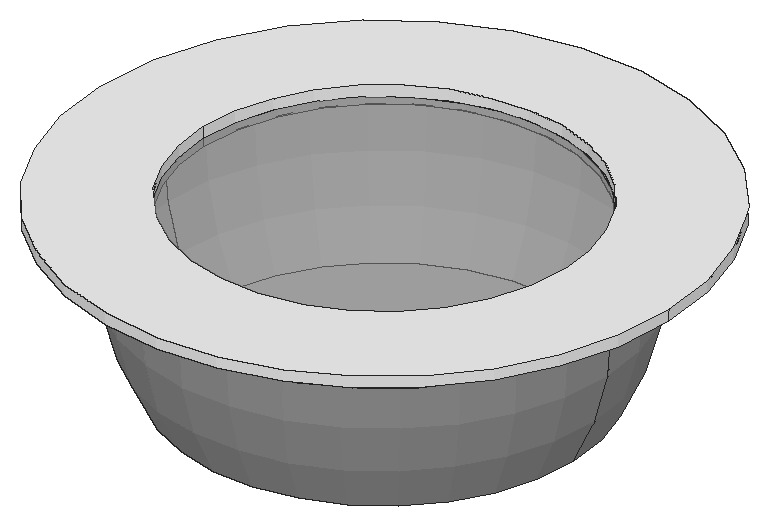
Revit family "3033922 Lighting Fixture_Sylvania_Insaver 150 HE Topper LED_Ceiling Recessed", category Lighting Fixtures, host Face, Revit 2017
Family settings
  Host = Face
  Round Connector Dimension = Use Diameter
  Part Type = Normal
  OmniClass Number = 23.80.70.11.17
  OmniClass Title = Specialized Lighting by Location or Use
  Cut with Voids When Loaded = No
  Light Source = Yes
  Shared = No
  Room Calculation Point = No
Parameters (values of type "Insaver 150 HE Topper LED WW Plus3")
  Weight = 0.80 kg  # constant formula
  Wattage = 8 W
  built-in parameter 1150110 = 1 (stored number, unit not read)
  Voltage Comments = "UNV (Universal Voltage; 220-240 Volt)"  # constant formula
  Voltage = 240 V  # constant formula
  URL = "http://www.sylvania-lighting.com"
  built-in parameter 1114217 = 1 (stored number, unit not read)
  Tilt Angle = -90.00°  # constant formula
  built-in parameter 1150109 = 1 (stored number, unit not read)
  built-in parameter 1150134 = (empty or 0)
  built-in parameter 1150113 = 1 (stored number, unit not read)
  Reflector Material = Polycarbonate_Sylvania_Insaver HE Topper LED_Silver
  Recessed Depth = Height  # 46.0 mm
  Radius = Diameter / 2  # 82.5 mm
  Product Page URL = "http://www.sylvania-lighting.com/product/en-int/products/3033922"
  Product Family = "Insaver HE Topper LED"  # constant formula
  Photometry Comments = ""
  Photometric Web File = "3033922_Insaver150HETopperLEDWWPlus3-182969.ies"
  built-in parameter 1150105 = 310.88 (stored number, unit not read)
  Lumens = 480 lm
  built-in parameter 1150115 = 1 (stored number, unit not read)
  built-in parameter 1150137 = (empty or 0)
  built-in parameter 1150139 = (empty or 0)
  Life = "50 000"  # constant formula
  built-in parameter 1150112 = 1 (stored number, unit not read)
  built-in parameter 1150114 = 1 (stored number, unit not read)
  Lamp Comments = "Integrated LED"
  built-in parameter 1150132 = 2
  built-in parameter 1150102 = (empty or 0)
  built-in parameter 1150107 = 3000 (stored number, unit not read)
  built-in parameter 1150138 = (empty or 0)
  built-in parameter 1150106 = 3.1088 (stored number, unit not read)
  Glow Wire Test = 650 °C  # constant formula
  Emit from Circle Diameter = Diffuser Diameter  # 105.0 mm
  Emit Shape Visible in Rendering = no
  built-in parameter 1150104 = 5.5742 (stored number, unit not read)
  Drive Current = "350mA"  # constant formula
  Dimming Lamp Color Temperature Shift = <None>
  Diffuser Radius = Diffuser Diameter / 2  # 52.5 mm
  Diffuser Diameter = Diameter - 60.0 mm  # 105.0 mm
  Cutout Diameter = 145.0 mm
  Color Filter = 16777215
  Brace Outer Diameter = Cutout Diameter - 5.0 mm  # 140.0 mm
  Brace Inner Diameter = Brace Outer Diameter - 8.0 mm  # 132.0 mm
  Beam Angle = "64-69"  # constant formula
  built-in parameter 1114218 = 1 (stored number, unit not read)
  built-in parameter 1150133 = 10 (stored number, unit not read)
  IP Rating = "IP44"  # constant formula
  Height = 46.0 mm
  built-in parameter 1114216 [instance] = 1 (stored number, unit not read)
  Model = "3033922 Insaver 150 HE Topper LED WW Plus3"
  Manufacturer = "Feilo Sylvania"
  Lamp = "LED"
  Diffuser Material = Polycarbonate_Sylvania_Insaver HE Topper LED_Opal
  Description = "8W & 9W LED white downlight. Ideal for applications such as bathrooms, washrooms or public toilets. IP44 rating allows for installation in applicable zone 1 wet areas. Insaver HE Topper LED with sensor 4,000K delivers 604lm (luminaire lumen output), equating to 76lm/W (total system efficiency). Insaver HE Topper LED can integrate Sylvania PIR sensor and / or Plus3. Sylvania PIR sensor helps you cut energy costs by up to 60%, reduces carbon emissions and helps you comply with carbon reduction legislation and building regulations. Recessed diffuser for an improved visual comfort. Warm white (3,000K) or Neutral white (4,000K). Quick and easy to install. LED lifetime: 50,000 hours. Energy Class: A++, A+, A. LED technology provides an energy efficient solution with reduced maintenance costs"  # constant formula
  Default Elevation = 0.0 mm
  built-in parameter 1140040 [instance] = 1
  Assembly Code = "D5020200"
  Apparent Load Comments = ""
  Apparent Load = 8 VA
  Accessory Material = Aluminum_Sylvania_Insaver HE Topper LED_White
  Diameter = Cutout Diameter + 20.0 mm  # 165.0 mm
Types (8, lengths in mm): name | Wattage | built-in parameter 1150134 | Photometric Web File | built-in parameter 1150105 | Lumens | built-in parameter 1150107 | built-in parameter 1150106 | Model
  Insaver 150 HE Topper LED WW | 8 W | (empty or 0) | "3033918_Insaver150HETopperLEDWW-182926.ies" | 310.88 (stored number, unit not read) | 480 lm | 3000 (stored number, unit not read) | 3.1088 (stored number, unit not read) | "3033918 Insaver 150 HE Topper LED WW"
  Insaver 150 HE Topper LED NW | 10.0667 W | 12 | "3033919_Insaver150HETopperLEDNW-182937.ies" | 391.19 (stored number, unit not read) | 604 lm | 4000 (stored number, unit not read) | 3.9119 (stored number, unit not read) | "3033919 Insaver 150 HE Topper LED NW"
  Insaver 150 HE Topper LED WW PIR | 8 W | (empty or 0) | "3033920_Insaver150HETopperLEDWWPIR-182948.ies" | 310.88 (stored number, unit not read) | 480 lm | 3000 (stored number, unit not read) | 3.1088 (stored number, unit not read) | "3033920 Insaver 150 HE Topper LED WW PIR"
  Insaver 150 HE Topper LED NW PIR Plus3 | 10.0667 W | 12 | "3033925_Insaver150HETopperLEDNWPIRPlus3-182999.ies" | 391.19 (stored number, unit not read) | 604 lm | 4000 (stored number, unit not read) | 3.9119 (stored number, unit not read) | "3033925 Insaver 150 HE Topper LED NW PIR Plus3"
  Insaver 150 HE Topper LED WW Plus3 | 8 W | (empty or 0) | "3033922_Insaver150HETopperLEDWWPlus3-182969.ies" | 310.88 (stored number, unit not read) | 480 lm | 3000 (stored number, unit not read) | 3.1088 (stored number, unit not read) | "3033922 Insaver 150 HE Topper LED WW Plus3"
  Insaver 150 HE Topper LED NW Plus3 | 10.0667 W | 12 | "3033923_Insaver150HETopperLEDNWPlus3-182979.ies" | 391.19 (stored number, unit not read) | 604 lm | 4000 (stored number, unit not read) | 3.9119 (stored number, unit not read) | "3033923 Insaver 150 HE Topper LED NW Plus3"
  Insaver 150 HE Topper LED NW PIR | 10.0667 W | 12 | "3033921_Insaver150HETopperLEDNWPIR-182959.ies" | 391.19 (stored number, unit not read) | 604 lm | 4000 (stored number, unit not read) | 3.9119 (stored number, unit not read) | "3033921 Insaver 150 HE Topper LED NW PIR"
  Insaver 150 HE Topper LED WW PIR Plus3 | 8 W | (empty or 0) | "3033924_Insaver150HETopperLEDWWPIRPlus3-182989.ies" | 310.88 (stored number, unit not read) | 480 lm | 3000 (stored number, unit not read) | 3.1088 (stored number, unit not read) | "3033924 Insaver 150 HE Topper LED WW PIR Plus3"
Reference planes
  plane 1 "Center (Front/Back)": y = 0
  plane 2: z = 0
  plane 3 "Center (Left/Right)": x = 0
  plane 4 "Fixture Top": z = -46
  plane 5 "Fixture Bottom": z = 3
  plane 6 "Brace Top": z = -7.043
  plane 7 "Diffuser Top": z = -2
Forms (mm)
  Extrusion 1, void
    sketch origin (0, 0, 58) x (-1, 0, 0) y (0, -1, 0)
      loop
        circle (0, 0) r 72.5
    from -104 to -55
  Extrusion 2, solid, material "Aluminum_Sylvania_Insaver HE Topper LED_White" <- "Accessory Material", detail levels fine
    sketch origin (0, 0, 58) x (-1, 0, 0) y (0, -1, 0)
      loop
        circle (0, 0) r 82.5
      loop
        circle (0, 0) r 52.5
    from -58 to -55
  Extrusion 3, solid, material "Aluminum_Sylvania_Insaver HE Topper LED_White" <- "Accessory Material", detail levels fine
    sketch origin (0, 0, 58) x (-1, 0, 0) y (0, -1, 0)
      loop
        circle (0, 0) r 70
      loop
        circle (0, 0) r 66
    from -65.043 to -58
  Extrusion 4, solid, material "Polycarbonate_Sylvania_Insaver HE Topper LED_Opal" <- "Diffuser Material", detail levels fine
    sketch origin (0, 0, 58) x (-1, 0, 0) y (0, -1, 0)
      loop
        circle (0, 0) r 52.5
    from -60 to -58
  Revolve 5, solid, material "Polycarbonate_Sylvania_Insaver HE Topper LED_Silver" <- "Reflector Material", detail levels fine
    sketch origin (0, 0, 0) x (1, 0, 0) y (0, 0, 1)
      loop
        line (-52.5, 0) -> (-66, 0) -> (-66, -7.043)
        arc (-66, -7.043) -> (-63.197, -27.283) -> (-55, -46) r 74.484
        line (-55, -46) -> (0, -46) -> (0, -44) -> (-53.871, -44)
        arc (-53.871, -44) -> (-61.422, -26.203) -> (-64, -7.043) r 72.484
        line (-64, -7.043) -> (-64, -2) -> (-52.5, -2) -> (-52.5, 0)
      axis (0, 0) -> (0, -46)
    angle from 0 to 360
  Revolve 6, solid, material "Aluminum_Sylvania_Insaver HE Topper LED_White" <- "Accessory Material", detail levels coarse+medium
    sketch origin (0, 0, 0) x (1, 0, 0) y (0, 0, 1)
      loop
        line (-82.5, 3) -> (-82.5, 0) -> (-70, 0) -> (-70, -7.043) -> (-66, -7.043)
        arc (-66, -7.043) -> (-63.34, -27.324) -> (-55, -46) r 70.874
        line (-55, -46) -> (0, -46) -> (0, 3) -> (-82.5, 3)
      axis (0, 3) -> (0, -46)
    angle from 0 to 360
Cuts and joins
  joined: Extrusion 2, Extrusion 3
Dimensions and locks
  locked: plane 5 "Fixture Bottom" to plane 2 at 3
  locked: plane 5 "Fixture Bottom" to plane 6 "Brace Top" at 10.043
  locked: plane 2 to plane 7 "Diffuser Top" at 2
  locked: Revolve 5 sketch curve to Revolve 5 sketch curve at 13.5
  locked: Revolve 5 sketch curve to Revolve 5 sketch curve at 2  (x2)
  "Diffuser Radius": plane 3 "Center (Left/Right)" to Revolve 5 sketch curve
  "Height": plane 2 to plane 4 "Fixture Top"
  "Radius": plane 3 "Center (Left/Right)" to Revolve 6 sketch curve
  locked: Revolve 6 sketch curve to Revolve 6 sketch curve at 12.5
  locked: Revolve 6 sketch curve to Revolve 6 sketch curve at 4
  locked: Revolve 6 sketch curve to Revolve 6 sketch curve at 27.5
  "Cutout Diameter": diameter of Extrusion 1 sketch curve
  "Diameter": diameter of Extrusion 2 sketch curve
  "Diffuser Diameter": diameter of Extrusion 2 sketch curve
  "Brace Outer Diameter": diameter of Extrusion 3 sketch curve
  "Brace Inner Diameter": diameter of Extrusion 3 sketch curve
  "Diffuser Diameter": diameter of Extrusion 4 sketch curve
  aligned and locked: host face to level
  aligned and locked: level to plane 2
  aligned and locked: Extrusion 2 to plane 2
  aligned and locked: plane 5 "Fixture Bottom" to Extrusion 2
  aligned and locked: Extrusion 3 to plane 6 "Brace Top"
  aligned and locked: level to Extrusion 3
  aligned and locked: Extrusion 4 to plane 7 "Diffuser Top"
  aligned and locked: plane 2 to Extrusion 4
  aligned and locked: plane 4 "Fixture Top" to Revolve 5 sketch curve
  aligned and locked: plane 7 "Diffuser Top" to Revolve 5 sketch curve
  aligned and locked: plane 2 to Revolve 5 sketch curve
  aligned and locked: Revolve 5 sketch curve to plane 3 "Center (Left/Right)"
  aligned and locked: plane 5 "Fixture Bottom" to Extrusion 1
  aligned and locked: plane 4 "Fixture Top" to Extrusion 1
  aligned and locked: plane 3 "Center (Left/Right)" to Revolve 6 sketch curve
  aligned and locked: plane 4 "Fixture Top" to Revolve 6 sketch curve
  aligned and locked: Revolve 6 sketch curve to plane 6 "Brace Top"
  aligned and locked: Revolve 6 sketch curve to plane 2
  aligned and locked: Revolve 6 sketch curve to plane 5 "Fixture Bottom"
  aligned and locked: Revolve 6 sketch curve to plane 3 "Center (Left/Right)"
  aligned and locked: imposter light to plane 3 "Center (Left/Right)"
  aligned and locked: imposter light to plane 5 "Fixture Bottom"
  aligned and locked: imposter light to plane 1 "Center (Front/Back)"
Automatic sketch dimensions
  host sketch curve to host sketch curve = 700.0 mm
  host sketch curve to host sketch curve = 620.0 mm
  plane 1 "Center (Front/Back)" to Extrusion 1 sketch curve = 0.0 mm
  Extrusion 1 sketch curve to plane 3 "Center (Left/Right)" = 0.0 mm
  Extrusion 2 sketch curve to Extrusion 2 sketch curve = 0.0 mm  (x2)
  plane 1 "Center (Front/Back)" to Extrusion 2 sketch curve = 0.0 mm
  Extrusion 2 sketch curve to plane 3 "Center (Left/Right)" = 0.0 mm
  Extrusion 3 sketch curve to Extrusion 3 sketch curve = 0.0 mm  (x2)
  plane 1 "Center (Front/Back)" to Extrusion 3 sketch curve = 0.0 mm
  Extrusion 3 sketch curve to plane 3 "Center (Left/Right)" = 0.0 mm
  plane 1 "Center (Front/Back)" to Extrusion 4 sketch curve = 0.0 mm
  Extrusion 4 sketch curve to plane 3 "Center (Left/Right)" = 0.0 mm
  Revolve 5 sketch curve to Revolve 5 sketch curve = 0.0 mm  (x2)
  Revolve 5 sketch curve to plane 3 "Center (Left/Right)" = 0.0 mm
  Revolve 5 sketch curve to plane 6 "Brace Top" = 0.0 mm
  Revolve 5 sketch curve to Revolve 5 sketch curve = 9.0 mm
  plane 4 "Fixture Top" to Revolve 5 sketch curve = 48.097 mm
  plane 5 "Fixture Bottom" to Revolve 5 sketch curve = 53.903 mm
  Revolve 6 sketch curve to plane 6 "Brace Top" = 1.021 mm
  plane 4 "Fixture Top" to Revolve 6 sketch curve = 72.33 mm
  Revolve 6 sketch curve to Revolve 6 sketch curve = 53.67 mm
Connectors
  electrical at (0, 0, -46), driven by "Voltage", driven by "Apparent Load"
    settings: on Revolve 5, index 1, voltage 240 V, apparent load 0 VA, apparent load phase1 8 VA, apparent load phase2 0 VA, apparent load phase3 0 VA, power factor 1, load classification "Lighting", number of poles 1, system type 31, power factor state 1, is connector primary yes, connector utility no, sub classification motor no, connector description ""
